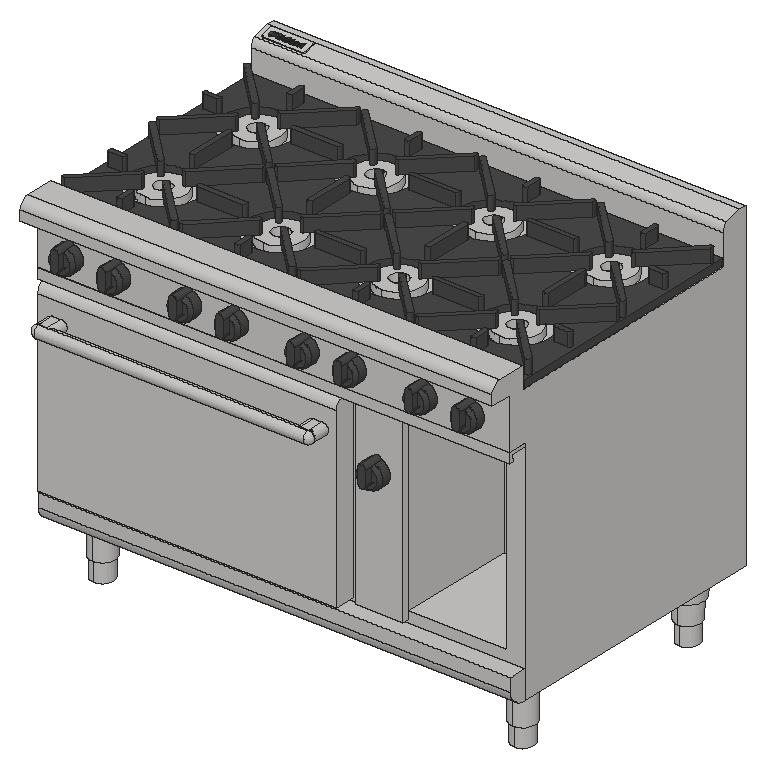
Revit family "QF_MOFFAT WALDORF_RNL8810GC", category Specialty Equipment, Revit 2012 (continued)
Automatic sketch dimensions
  Split face 11 sketch curve to Split face 11 sketch curve = 20 mm
  Extrusion 1 to Split face 12 sketch curve = 1.962 mm
  Split face 12 sketch curve to Extrusion 1 = 14.14 mm
  Split face 12 sketch curve to Extrusion 1 = 426.5 mm
  Split face 12 sketch curve to Split face 12 sketch curve = 20 mm
  Extrusion 1 to Split face 13 sketch curve = 1.962 mm
  Split face 13 sketch curve to Extrusion 1 = 14.14 mm
  Split face 13 sketch curve to Extrusion 1 = 453.5 mm
  Split face 13 sketch curve to Split face 13 sketch curve = 20 mm
  Extrusion 1 to Split face 14 sketch curve = 1.962 mm
  Split face 14 sketch curve to Extrusion 1 = 14.14 mm
  Split face 14 sketch curve to Extrusion 1 = 480.5 mm
  Split face 14 sketch curve to Split face 14 sketch curve = 20 mm
  Extrusion 1 to Split face 15 sketch curve = 1.962 mm
  Split face 15 sketch curve to Extrusion 1 = 14.14 mm
  Split face 15 sketch curve to Extrusion 1 = 507.5 mm
  Split face 15 sketch curve to Split face 15 sketch curve = 20 mm
  Extrusion 1 to Split face 16 sketch curve = 1.962 mm
  Split face 16 sketch curve to Extrusion 1 = 14.14 mm
  Split face 16 sketch curve to Extrusion 1 = 534.5 mm
  Split face 16 sketch curve to Split face 16 sketch curve = 20 mm
  Extrusion 1 to Split face 17 sketch curve = 1.962 mm
  Split face 17 sketch curve to Extrusion 1 = 14.14 mm
  Split face 17 sketch curve to Extrusion 1 = 561.5 mm
  Split face 17 sketch curve to Split face 17 sketch curve = 20 mm
  Extrusion 1 to Split face 18 sketch curve = 1.962 mm
  Split face 18 sketch curve to Extrusion 1 = 14.14 mm
  Split face 18 sketch curve to Extrusion 1 = 588.5 mm
  Split face 18 sketch curve to Split face 18 sketch curve = 20 mm
  Extrusion 1 to Split face 19 sketch curve = 1.962 mm
  Split face 19 sketch curve to Extrusion 1 = 14.14 mm
  Split face 19 sketch curve to Extrusion 1 = 584.5 mm
  Split face 19 sketch curve to Split face 19 sketch curve = 20 mm
  Extrusion 1 to Split face 20 sketch curve = 1.962 mm
  Split face 20 sketch curve to Extrusion 1 = 14.14 mm
  Split face 20 sketch curve to Extrusion 1 = 557.5 mm
  Split face 20 sketch curve to Split face 20 sketch curve = 20 mm
  Extrusion 1 to Split face 21 sketch curve = 1.962 mm
  Split face 21 sketch curve to Extrusion 1 = 14.14 mm
  Split face 21 sketch curve to Extrusion 1 = 530.5 mm
  Split face 21 sketch curve to Split face 21 sketch curve = 20 mm
  Extrusion 1 to Split face 22 sketch curve = 1.962 mm
  Split face 22 sketch curve to Extrusion 1 = 14.14 mm
  Split face 22 sketch curve to Extrusion 1 = 503.5 mm
  Split face 22 sketch curve to Split face 22 sketch curve = 20 mm
  Extrusion 1 to Split face 23 sketch curve = 1.962 mm
  Split face 23 sketch curve to Extrusion 1 = 14.14 mm
  Split face 23 sketch curve to Extrusion 1 = 476.5 mm
  Split face 23 sketch curve to Split face 23 sketch curve = 20 mm
  Extrusion 1 to Split face 24 sketch curve = 1.962 mm
  Split face 24 sketch curve to Extrusion 1 = 14.14 mm
  Split face 24 sketch curve to Extrusion 1 = 449.5 mm
  Split face 24 sketch curve to Split face 24 sketch curve = 20 mm
  Extrusion 1 to Split face 25 sketch curve = 1.962 mm
  Split face 25 sketch curve to Extrusion 1 = 14.14 mm
  Split face 25 sketch curve to Extrusion 1 = 422.5 mm
  Split face 25 sketch curve to Split face 25 sketch curve = 20 mm
  Extrusion 1 to Split face 26 sketch curve = 1.962 mm
  Split face 26 sketch curve to Extrusion 1 = 14.14 mm
  Split face 26 sketch curve to Extrusion 1 = 395.5 mm
  Split face 26 sketch curve to Split face 26 sketch curve = 20 mm
  Extrusion 1 to Split face 27 sketch curve = 1.962 mm
  Split face 27 sketch curve to Extrusion 1 = 14.14 mm
  Split face 27 sketch curve to Extrusion 1 = 368.5 mm
  Split face 27 sketch curve to Split face 27 sketch curve = 20 mm
  Extrusion 1 to Split face 28 sketch curve = 1.962 mm
  Split face 28 sketch curve to Extrusion 1 = 14.14 mm
  Split face 28 sketch curve to Extrusion 1 = 341.5 mm
  Split face 28 sketch curve to Split face 28 sketch curve = 20 mm
  Extrusion 1 to Split face 29 sketch curve = 1.962 mm
  Split face 29 sketch curve to Extrusion 1 = 14.14 mm
  Split face 29 sketch curve to Extrusion 1 = 314.5 mm
  Split face 29 sketch curve to Split face 29 sketch curve = 20 mm
  Extrusion 1 to Split face 30 sketch curve = 1.962 mm
  Split face 30 sketch curve to Extrusion 1 = 14.14 mm
  Split face 30 sketch curve to Extrusion 1 = 287.5 mm
  Split face 30 sketch curve to Split face 30 sketch curve = 20 mm
  Extrusion 1 to Split face 31 sketch curve = 1.962 mm
  Split face 31 sketch curve to Extrusion 1 = 14.14 mm
  Split face 31 sketch curve to Extrusion 1 = 260.5 mm
  Split face 31 sketch curve to Split face 31 sketch curve = 20 mm
  Extrusion 1 to Split face 32 sketch curve = 1.962 mm
  Split face 32 sketch curve to Extrusion 1 = 14.14 mm
  Split face 32 sketch curve to Extrusion 1 = 233.5 mm
  Split face 32 sketch curve to Split face 32 sketch curve = 20 mm
  Extrusion 1 to Split face 33 sketch curve = 1.962 mm
  Split face 33 sketch curve to Extrusion 1 = 14.14 mm
  Split face 33 sketch curve to Extrusion 1 = 206.5 mm
  Split face 33 sketch curve to Split face 33 sketch curve = 20 mm
  Extrusion 1 to Split face 34 sketch curve = 1.962 mm
  Split face 34 sketch curve to Extrusion 1 = 14.14 mm
  Split face 34 sketch curve to Extrusion 1 = 179.5 mm
  Split face 34 sketch curve to Split face 34 sketch curve = 20 mm
  Extrusion 1 to Split face 35 sketch curve = 1.962 mm
  Split face 35 sketch curve to Extrusion 1 = 14.14 mm
  Split face 35 sketch curve to Extrusion 1 = 152.5 mm
  Split face 35 sketch curve to Split face 35 sketch curve = 20 mm
  Extrusion 1 to Split face 36 sketch curve = 1.962 mm
  Split face 36 sketch curve to Extrusion 1 = 14.14 mm
  Split face 36 sketch curve to Extrusion 1 = 125.5 mm
  Split face 36 sketch curve to Split face 36 sketch curve = 20 mm
  Extrusion 29 sketch curve to Extrusion 1 = 373.238 mm
  Extrusion 29 sketch curve to Extrusion 1 = 196.458 mm
  Extrusion 31 sketch curve to plane 17 = 61.602 mm  (x5)
  Extrusion 31 sketch curve to Extrusion 31 sketch curve = 0 mm  (x23)
  plane 3 "LEFT" to Extrusion 31 sketch curve = 15.153 mm
  Extrusion 31 sketch curve to plane 7 "Center Y" = 15.153 mm  (x2)
  plane 7 "Center Y" to Extrusion 31 sketch curve = 15.153 mm
  plane 4 "RIGHT" to Extrusion 31 sketch curve = 15.153 mm  (x2)
  plane 9 to Extrusion 31 sketch curve = 4.847 mm  (x3)
  Extrusion 31 sketch curve to Extrusion 31 sketch curve = 4.525 mm  (x48)
  Extrusion 31 sketch curve to plane 17 = 67.398 mm  (x4)
  Extrusion 31 sketch curve to Extrusion 31 sketch curve = 36.204 mm  (x8)
  Extrusion 31 sketch curve to Extrusion 31 sketch curve = 65.923 mm  (x4)
  plane 3 "LEFT" to Extrusion 31 sketch curve = 16.591 mm  (x2)
  plane 12 to Extrusion 31 sketch curve = 74.863 mm  (x2)
  plane 4 "RIGHT" to Extrusion 31 sketch curve = 15.648 mm  (x2)
  Extrusion 31 sketch curve to Extrusion 31 sketch curve = 20.524 mm  (x13)
  Extrusion 31 sketch curve to Extrusion 31 sketch curve = 6.4 mm  (x22)
  plane 12 to Extrusion 31 sketch curve = 40.548 mm  (x8)
  Extrusion 31 sketch curve to plane 12 = 24.426 mm  (x4)
  Extrusion 31 sketch curve to plane 13 = 7.374 mm  (x8)
  plane 8 "Center X" to Extrusion 31 sketch curve = 8.898 mm  (x8)
  plane 8 "Center X" to Extrusion 31 sketch curve = 4.372 mm  (x8)
  Extrusion 31 sketch curve to plane 8 "Center X" = 43.102 mm  (x4)
  Extrusion 31 sketch curve to Extrusion 31 sketch curve = 55.923 mm  (x12)
  plane 10 to Extrusion 31 sketch curve = 43.646 mm  (x2)
  Extrusion 31 sketch curve to plane 11 = 9.416 mm  (x2)
  plane 10 to Extrusion 31 sketch curve = 43.172 mm  (x3)
  plane 10 to Extrusion 31 sketch curve = 9.848 mm  (x8)
  plane 10 to Extrusion 31 sketch curve = 5.323 mm  (x8)
  Extrusion 31 sketch curve to plane 10 = 65.126 mm  (x4)
  plane 9 to Extrusion 31 sketch curve = 13.898 mm
  Extrusion 31 sketch curve to plane 10 = 98.074 mm  (x5)
  plane 7 "Center Y" to Extrusion 31 sketch curve = 6.102 mm  (x3)
  plane 4 "RIGHT" to Extrusion 31 sketch curve = 6.102 mm
  plane 9 to Extrusion 31 sketch curve = 26.102 mm
  Extrusion 31 sketch curve to plane 7 "Center Y" = 6.102 mm
  plane 3 "LEFT" to Extrusion 31 sketch curve = 6.102 mm  (x3)
  plane 14 to Extrusion 31 sketch curve = 40.025 mm  (x4)
  plane 14 to Extrusion 31 sketch curve = 69.6 mm
  Extrusion 31 sketch curve to Extrusion 31 sketch curve = 53.847 mm  (x16)
  Extrusion 31 sketch curve to plane 9 = 38.102 mm  (x2)
  Extrusion 31 sketch curve to Extrusion 31 sketch curve = 12.205 mm  (x7)
  plane 9 to Extrusion 31 sketch curve = 78.102 mm  (x2)
  Extrusion 31 sketch curve to plane 7 "Center Y" = 58.102 mm  (x2)
  plane 7 "Center Y" to Extrusion 31 sketch curve = 58.102 mm  (x2)
  Extrusion 31 sketch curve to Extrusion 31 sketch curve = 128.447 mm  (x3)
  Extrusion 31 sketch curve to Extrusion 31 sketch curve = 116.204 mm  (x2)
  Extrusion 31 sketch curve to plane 16 = 90.9 mm
  plane 16 to Extrusion 31 sketch curve = 15.859 mm  (x2)
  Extrusion 32 sketch curve to plane 16 = 0.512 mm
  Extrusion 32 sketch curve to Extrusion 32 sketch curve = 81 mm
  Extrusion 32 sketch curve to plane 17 = 6.76 mm
  Extrusion 32 sketch curve to Extrusion 32 sketch curve = 48.5 mm
  Extrusion 32 sketch curve to plane 1 "BACK" = 30.24 mm
  Extrusion 32 sketch curve to plane 17 = 55.26 mm
  Extrusion 1 sketch curve to plane 5 "FRONT" = 0 mm
  Extrusion 1 sketch curve to plane 21 = 0 mm
  Extrusion 1 sketch curve to plane 6 "TOP" = 0 mm
  Extrusion 1 sketch curve to plane 1 "BACK" = 0 mm
  Extrusion 1 sketch curve to plane 5 "FRONT" = 24 mm
  Extrusion 1 sketch curve to plane 5 "FRONT" = 56 mm
  Extrusion 1 sketch curve to Extrusion 1 sketch curve = 0 mm
  plane 21 to Extrusion 1 sketch curve = 34.5 mm
  Extrusion 1 sketch curve to plane 5 "FRONT" = 58.27 mm
  Extrusion 1 sketch curve to Extrusion 1 sketch curve = 6.387 mm
  Extrusion 1 sketch curve to Extrusion 1 sketch curve = 8.776 mm
  Extrusion 1 sketch curve to Extrusion 1 sketch curve = 40 mm
  Extrusion 1 sketch curve to Extrusion 1 sketch curve = 43.174 mm
  Extrusion 1 sketch curve to Extrusion 1 sketch curve = 2.626 mm
  Extrusion 1 sketch curve to Extrusion 1 sketch curve = 41.683 mm
  Extrusion 1 sketch curve to Extrusion 1 sketch curve = 4.2 mm  (x2)
  Extrusion 1 sketch curve to plane 6 "TOP" = 11.31 mm
  Extrusion 1 sketch curve to Extrusion 1 sketch curve = 11.291 mm
  Extrusion 1 sketch curve to plane 17 = 15.418 mm
  plane 17 to Extrusion 1 sketch curve = 15.5 mm
  Extrusion 1 sketch curve to Extrusion 1 sketch curve = 37.929 mm
  Extrusion 1 sketch curve to Extrusion 1 sketch curve = 0.071 mm
  plane 18 to Extrusion 1 sketch curve = 55 mm
  Extrusion 1 sketch curve to Extrusion 1 sketch curve = 16.999 mm
  Extrusion 1 sketch curve to Extrusion 1 sketch curve = 7.004 mm
  Extrusion 1 sketch curve to Extrusion 1 sketch curve = 2.216 mm
  Extrusion 1 sketch curve to Extrusion 1 sketch curve = 19.557 mm
  plane 10 to Extrusion 10 sketch curve = 36.504 mm  (x4)
  plane 7 "Center Y" to Extrusion 10 sketch curve = 150 mm  (x2)
  Extrusion 3 sketch curve to plane 5 "FRONT" = 91 mm
  plane 18 to Extrusion 3 sketch curve = 45 mm
  Extrusion 33 sketch curve to Extrusion 33 sketch curve = 0 mm  (x17)
  Extrusion 1 to Extrusion 33 sketch curve = 167.5 mm  (x4)
  Extrusion 33 sketch curve to Extrusion 1 = 171.5 mm  (x4)
  Extrusion 1 to Extrusion 33 sketch curve = 150 mm  (x4)
  Extrusion 33 sketch curve to Extrusion 33 sketch curve = 300 mm  (x3)
  Extrusion 34 sketch curve to plane 11 = 1.472 mm
  Extrusion 34 sketch curve to plane 18 = 46.875 mm  (x2)
  Extrusion 34 sketch curve to Extrusion 34 sketch curve = 15 mm  (x2)
  plane 7 "Center Y" to Extrusion 34 sketch curve = 102.757 mm
  Extrusion 34 sketch curve to Extrusion 34 sketch curve = 20.282 mm  (x2)
  Revolve 35 sketch curve to plane 3 "LEFT" = 6.961 mm
  plane 3 "LEFT" to Revolve 35 sketch curve = 23.246 mm
  Revolve 35 sketch curve to plane 18 = 16.875 mm
  Revolve 35 sketch curve to Revolve 35 sketch curve = 15 mm
  Revolve 35 sketch curve to plane 7 "Center Y" = 11.961 mm
  plane 7 "Center Y" to Revolve 35 sketch curve = 123.039 mm
  Revolve 35 sketch curve to Revolve 35 sketch curve = 0 mm
  curve 48 to curve 257 = 0 mm  (x2)
  plane 10 to curve 258 = 14.772 mm
  curve 46 to curve 259 = 0 mm  (x2)
  curve 259 to curve 259 = 22 mm
  curve 183 to curve 261 = 0 mm  (x2)
  curve 262 to curve 261 = 22 mm
  curve 231 to curve 263 = 0 mm  (x2)
  plane 10 to curve 264 = 14.772 mm
  curve 185 to curve 265 = 0 mm  (x2)
  curve 265 to curve 265 = 22 mm
  curve 233 to curve 267 = 0 mm  (x2)
  plane 10 to curve 268 = 14.772 mm
  curve 187 to curve 269 = 0 mm  (x2)
  curve 269 to curve 269 = 22 mm
  curve 235 to curve 271 = 0 mm  (x2)
  plane 10 to curve 271 = 14.772 mm
  radius of Extrusion 8 sketch curve = 10 mm
  radius of Extrusion 10 sketch curve = 85 mm  (x8)
  radius of Extrusion 29 sketch curve = 10 mm
  radius of Extrusion 33 sketch curve = 57 mm  (x8)
  radius of Extrusion 33 sketch curve = 22 mm  (x8)
Nested families
  nested 1: "WALDORF LOGO_FACE BASE" at (12.5, -21.836, 968.57) x (1, 0, 0) z (0, -0.2588, 0.9659), visible <- "Show Logo", type "WALDORF LOGO_FACE BASE", detail levels medium+fine
    with Show Logo yes
Connectors
  piping at (1070, -32, 655)
    settings: on Extrusion 8, index 4, connector radius 0.37402", flow factor 0, pipe flow 0 GPM, pressure drop 0.00 psi, fitting loss kfactor 0, connector angle 0.00°, fixture units 0, engagement length 0 mm, flow configuration 1, flow direction 1, fitting loss method 0, system type 7, joint type 0, gender type 0, connector reference index -1, connector utility 0, adjustable connector no, is connector primary yes, fitting loss table "", connector description "GAS CONNECTION"
  electrical at (826.762, -500.272, 147), driven by "Volts", driven by "Watts", driven by "Watts"
    settings: on Extrusion 29, index 5, voltage 240 V, apparent load 130 VA, apparent load phase1 130 VA, apparent load phase2 0 VA, apparent load phase3 0 VA, power factor 1, load classification "Other", number of poles 1, system type 30, power factor state 1, is connector primary yes, connector utility no, sub classification motor no, connector description "ELECTRICAL CONNECTION"
Definition of nested family "WALDORF LOGO_FACE BASE"
  Parameters (values of type "WALDORF LOGO_FACE BASE")
    Show Logo [instance] = yes
    Default Elevation = 1219.2 mm
  Reference planes
    plane 1 "Center (Front/Back)": y = 0
    plane 2: z = 0
    plane 3 "Center (Left/Right)": x = 0
  Forms (mm)
    Extrusion 1, solid
      sketch origin (0, 0, 0) x (1, 0, 0) y (0, 1, 0)
        loop
          line (-1219.2, 1219.2) -> (-1219.2, -1219.2) -> (1219.2, -1219.2) -> (1219.2, 1219.2) -> (-1219.2, 1219.2)
      from 0 to -304.8
    Extrusion 2, solid, material "QF_Finishes_Stainless Steel", visible <- "Show Logo"
      sketch origin (0, -33.217, 0) x (1, 0, 0) y (0, 1, 0)
        loop
          arc (5, 34.14) -> (1.464, 32.676) -> (0, 29.14) r 5
          line (0, 29.14) -> (0, 5)
          arc (0, 5) -> (1.464, 1.464) -> (5, 0) r 5
          line (5, 0) -> (104, 0)
          arc (104, 0) -> (107.536, 1.464) -> (109, 5) r 5
          line (109, 5) -> (109, 29.14)
          arc (109, 29.14) -> (107.536, 32.676) -> (104, 34.14) r 5
          line (104, 34.14) -> (5, 34.14)
      from 0 to 1.588
    Extrusion 3, solid, material "QF_Finishes_Black", visible <- "Show Logo"
      sketch origin (0, -33.217, 1.588) x (1, 0, 0) y (0, 1, 0)
        loop
          line (24.772, 23.214) -> (27.992, 10.301) -> (31.551, 10.301) -> (33.443, 17.364) -> (35.205, 10.301) -> (39.332, 10.301) -> (42.077, 23.214) -> (38.352, 23.214) -> (36.676, 15.33) -> (35, 23.214) -> (31.752, 23.214) -> (30.076, 15.33) -> (28.4, 23.214) -> (24.772, 23.214)
        loop
          line (42.272, 17.055) -> (45.703, 17.055)
          spline (45.703, 17.055) -> (45.741, 17.285) -> (45.852, 17.499) -> (46.028, 17.682) -> (46.258, 17.823) -> (46.526, 17.912) -> (46.813, 17.942) -> (47.1, 17.912) -> (47.368, 17.823) -> (47.597, 17.682) -> (47.774, 17.499) -> (47.884, 17.285) -> (47.922, 17.055)
          line (47.922, 17.055) -> (47.922, 16.222)
          arc (47.922, 16.222) -> (45.742, 16.014) -> (43.665, 15.317) r 9.604
          arc (43.665, 15.317) -> (41.924, 12.809) -> (43.665, 10.301) r 2.677
          arc (43.665, 10.301) -> (45.527, 10.353) -> (47.332, 10.816) r 8.365
          line (47.332, 10.816) -> (48.092, 11.105) -> (48.092, 10.301) -> (51.817, 10.301) -> (51.817, 17.055)
          spline (51.817, 17.055) -> (51.654, 17.821) -> (51.178, 18.535) -> (50.419, 19.148) -> (49.431, 19.619) -> (48.28, 19.914) -> (47.044, 20.015) -> (45.809, 19.914) -> (44.658, 19.619) -> (43.67, 19.148) -> (42.911, 18.535) -> (42.434, 17.821) -> (42.272, 17.055)
        loop
          line (53.151, 23.214) -> (53.151, 10.301) -> (57.37, 10.301) -> (57.37, 23.214) -> (53.151, 23.214)
        loop
          line (64.874, 23.214) -> (64.874, 18.857)
          arc (64.874, 18.857) -> (58.083, 15.11) -> (64.874, 11.363) r 4.429
          line (64.874, 11.363) -> (64.874, 10.301) -> (68.378, 10.301) -> (68.378, 23.214) -> (64.874, 23.214)
        loop
          arc (64.874, 16.083) -> (61.41, 14.987) -> (64.874, 13.891) r 1.905
          line (64.874, 13.891) -> (64.874, 16.083)
        loop
          circle (74.623, 15.223) r 5
        loop
          spline (74.623, 17.856) -> (74.355, 17.766) -> (74.105, 17.503) -> (73.891, 17.084) -> (73.726, 16.539) -> (73.623, 15.904) -> (73.588, 15.223) -> (73.623, 14.541) -> (73.726, 13.906) -> (73.891, 13.361) -> (74.105, 12.942) -> (74.355, 12.679) -> (74.623, 12.59)
          spline (74.623, 12.59) -> (74.891, 12.679) -> (75.141, 12.942) -> (75.355, 13.361) -> (75.52, 13.906) -> (75.623, 14.541) -> (75.659, 15.223) -> (75.623, 15.904) -> (75.52, 16.539) -> (75.355, 17.084) -> (75.141, 17.503) -> (74.891, 17.766) -> (74.623, 17.856)
        loop
          line (81.255, 19.813) -> (81.255, 10.301) -> (84.834, 10.301) -> (84.834, 14.176)
          arc (84.834, 14.176) -> (85.854, 16.093) -> (88.013, 16.32) r 2.313
          line (88.013, 16.32) -> (88.013, 19.813) -> (87.161, 19.813)
          arc (87.161, 19.813) -> (85.526, 19.266) -> (84.549, 17.844) r 2.717
          line (84.549, 17.844) -> (84.549, 19.813) -> (81.255, 19.813)
        loop
          line (90.249, 19.813) -> (88.91, 19.813) -> (88.91, 17.614) -> (90.249, 17.614) -> (90.249, 10.301) -> (93.998, 10.301) -> (93.998, 17.614) -> (95.418, 17.614) -> (95.418, 19.813) -> (93.998, 19.813)
          arc (93.998, 19.813) -> (94.414, 20.817) -> (95.418, 21.233) r 1.42
          line (95.418, 21.233) -> (95.418, 23.602) -> (93.317, 23.602)
          arc (93.317, 23.602) -> (91.343, 22.903) -> (90.249, 21.118) r 3.137
          line (90.249, 21.118) -> (90.249, 19.813)
        loop
          arc (15.241, 23.571) -> (8.392, 16.525) -> (15.241, 9.479) r 7.049
          line (15.241, 9.479) -> (15.241, 23.571)
        loop
          line (15.641, 23.571) -> (15.641, 9.479)
          arc (15.641, 9.479) -> (22.49, 16.525) -> (15.641, 23.571) r 7.049
        loop
          arc (47.922, 14.711) -> (46.266, 13.749) -> (47.922, 12.787) r 1.107
          line (47.922, 12.787) -> (47.922, 14.711)
      from 0 to 0.2
  Dimensions and locks
    aligned and locked: plane 2 to Extrusion 1
    aligned and locked: level to Extrusion 1
